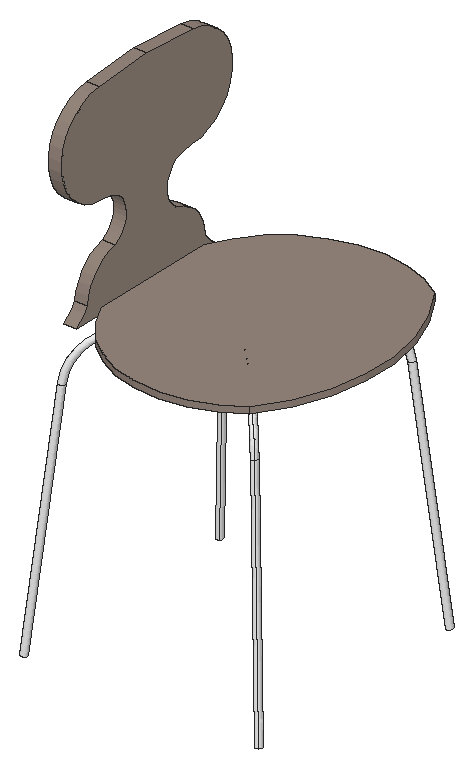
Revit family "Chair 3", category Furniture, Revit 2023
Family settings
  Work Plane-Based = No
  Enable Cutting in Views = No
  Always vertical = Yes
  Cut with Voids When Loaded = No
  Render Appearance Source = Family Geometry
  Shared = No
  Room Calculation Point = No
Parameters
  __Temp [instance] = 0 mm
  Keynote = "12600"
  Manufacturer = ""
  Default Elevation = 0 mm
  Bracket Material = Herman Miller - Finish 47 Trivalent Chrome
  Model = ""
  Cushion/Chair Back Material = Herman Miller - Veneer Z5 Maple
  BG_DIM_Width2 [instance] = 0 mm
  BG_DIM_Depth1 [instance] = 0 mm
Reference planes
  plane 1 "Center F/B": y = -198.997
  plane 2: z = 0
  plane 3 "Center L/R": x = -1.022
Forms (mm)
  Sweep 1, solid, material "Herman Miller - Finish 47 Trivalent Chrome" <- "Bracket Material"
    path origin (61.052, -65.204, 45) x (0, 0, -1) y (0.707107, -0.707107, 0)
      loop
        line (45, -82.843) -> (-332.364, -36.508)
        arc (-332.364, -36.508) -> (-382.531, -10.114) -> (-402.615, 42.895) r 80
        line (-402.615, 42.895) -> (-402.615, 181.322)
    profile origin (18.855, -23.007, 188.682) x (-0.701836, 0.701836, 0.121869) y (-0.707107, -0.707107, 0)
      loop
        circle (0, 0) r 5
  Sweep 2, solid, material "Herman Miller - Finish 47 Trivalent Chrome" <- "Bracket Material"
    path origin (57.516, -325.168, 45) x (0, 0, -1) y (0.707107, 0.707107, 0)
      loop
        line (45, -82.843) -> (-332.364, -36.508)
        arc (-332.364, -36.508) -> (-382.531, -10.114) -> (-402.615, 42.895) r 80
        line (-402.615, 42.895) -> (-402.615, 181.322)
    profile origin (15.319, -367.364, 188.682) x (-0.701836, -0.701836, 0.121869) y (0.707107, -0.707107, 0)
      loop
        circle (0, 0) r 5
  Sweep 3, solid, material "Herman Miller - Finish 47 Trivalent Chrome" <- "Bracket Material"
    path origin (303.338, -65.204, 45) x (0, 0, -1) y (0.707107, 0.707107, 0)
      loop
        line (45, 82.843) -> (-332.364, 36.508)
        arc (-332.364, 36.508) -> (-382.531, 10.114) -> (-402.615, -42.895) r 80
        line (-402.615, -42.895) -> (-402.615, -181.322)
    profile origin (345.535, -23.007, 188.682) x (0.701836, 0.701836, 0.121869) y (-0.707107, 0.707107, 0)
      loop
        circle (0, 0) r 5
  Sweep 4, solid, material "Herman Miller - Finish 47 Trivalent Chrome" <- "Bracket Material"
    path origin (306.873, -325.168, 45) x (0, 0, -1) y (0.707107, -0.707107, 0)
      loop
        line (45, 82.843) -> (-332.364, 36.508)
        arc (-332.364, 36.508) -> (-382.531, 10.114) -> (-402.615, -42.895) r 80
        line (-402.615, -42.895) -> (-402.615, -181.322)
    profile origin (349.07, -367.364, 188.682) x (0.701836, -0.701836, 0.121869) y (0.707107, 0.707107, 0)
      loop
        circle (0, 0) r 5
  Extrusion 5, solid, material "Herman Miller - Veneer Z5 Maple" <- "Cushion/Chair Back Material"
    sketch origin (0, 0, 0) x (1, 0, 0) y (0, 1, 0)
      loop
        arc (340, -9.099) -> (152.776, 17.913) -> (32.728, -128.274) r 192.616
        line (32.728, -128.274) -> (32.728, -249.923)
        arc (32.728, -249.923) -> (152.776, -396.11) -> (340, -369.099) r 192.616
        arc (340, -369.099) -> (400.673, -189.099) -> (340, -9.099) r 297.34
    from 450 to 460
  Extrusion 6, solid, material "Herman Miller - Veneer Z5 Maple" <- "Cushion/Chair Back Material"
    sketch origin (390, -409.099, -27.081) x (0, 0, -1) y (0, 1, 0)
      loop
        arc (-498.809, 95.839) -> (-486.21, 86.065) -> (-477.081, 72.99) r 53.087
        line (-477.081, 72.99) -> (-477.081, 347.212)
        arc (-477.081, 347.212) -> (-486.21, 334.138) -> (-498.809, 324.364) r 53.087
        arc (-498.809, 324.364) -> (-539.073, 308.301) -> (-561.143, 270.989) r 67.175
        arc (-561.143, 270.989) -> (-601.737, 249.17) -> (-634.197, 281.887) r 38.521
        line (-634.197, 281.887) -> (-636.604, 298.938)
        arc (-636.604, 298.938) -> (-714.694, 376.726) -> (-796.127, 302.444) r 79.872
        line (-796.127, 302.444) -> (-802.584, 210.101) -> (-796.127, 117.759)
        arc (-796.127, 117.759) -> (-714.694, 43.477) -> (-636.604, 121.265) r 79.872
        line (-636.604, 121.265) -> (-634.197, 138.316)
        arc (-634.197, 138.316) -> (-601.737, 171.033) -> (-561.143, 149.213) r 38.521
        arc (-561.143, 149.213) -> (-539.073, 111.901) -> (-498.809, 95.839) r 67.175
    from -367.272 to -347.272
Dimensions and locks
  aligned and locked: plane 1 "Center F/B" to Extrusion 6
